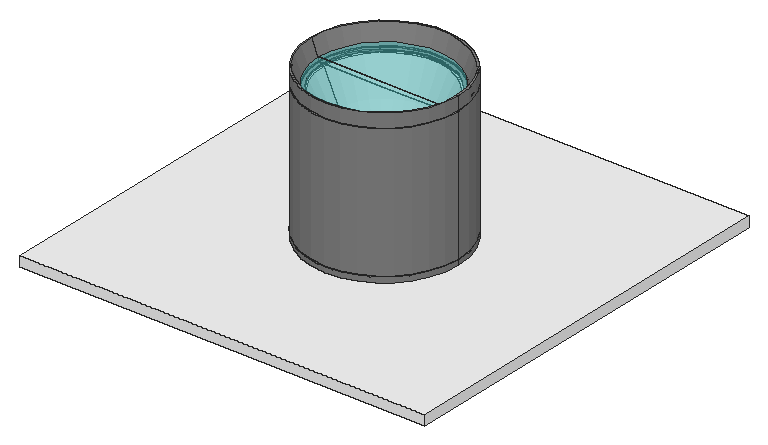
Revit family "24432_BEGA_Revit", category Lighting Fixtures, host Face, Revit 2019
Family settings
  Host = Face
  Round Connector Dimension = Use Diameter
  Part Type = Normal
  Cut with Voids When Loaded = Yes
  Light Source = Yes
  Shared = No
  Room Calculation Point = Yes
Parameters (values of type "24422_BEGA_Revit")
  Update = "2019-07-02T04:00:18"
  URL = "www.bega-us.com"
  Type Image = 24422.png
  Type Comments = "© 2019 BEGA. Technical amendments reserved."
  Serial_number [instance] = "Here you can enter the individual serial number for use in facility management."
  Protection_class = "IP 65"
  Product_data_sheet = "www.bega-us.com"
  Model = "24432K4"
  Material_17 = BEGA_reflector
  Material_15 = BEGA_lighting_medium_matt
  Material_11 = BEGA_glass_opal
  Material_09 = BEGA_glass_clear
  Material_06 = BEGA_finishes_stainless_steel_brushed
  Material_03 = BEGA_finishes_white_matt
  Material_02 = BEGA_finishes_silver_matt
  Material_01 [instance] = BEGA_finishes_graphite_matt
  Manufacturer = "BEGA"  # constant formula
  M_W = no
  M_G = yes
  M_A = no
  Luminaire_luminous_flux = "2485 lm"
  Logo = 0
  Load_Classification = Lighting
  Lamp = "LED 24.1 W"
  Half_beam_angle = ""
  Frequency = "0/50-60 Hz"
  built-in parameter 1150104 = 11.984 (stored number, unit not read)
  Wattage = 16.5426 W
  Description = "Ceiling mounted downlight"
  Default Elevation = 0 mm
  built-in parameter 1150113 = 1 (stored number, unit not read)
  Connected_wattage [instance] = "28 W"
  Bega_IES = yes
  built-in parameter 1114218 = 1 (stored number, unit not read)
  built-in parameter 1150134 = 12
  built-in parameter 1150109 = 1 (stored number, unit not read)
  built-in parameter 1150110 = 1 (stored number, unit not read)
  Tilt Angle = 0.00°
  built-in parameter 1114217 = 1 (stored number, unit not read)
  built-in parameter 1150139 = (empty or 0)
  built-in parameter 1150105 = 169.82 (stored number, unit not read)
  built-in parameter 1150114 = 1 (stored number, unit not read)
  Lumens = 2134 lm
  built-in parameter 1150115 = 1 (stored number, unit not read)
  built-in parameter 1150112 = 1 (stored number, unit not read)
  Dimming Lamp Color Temperature Shift = <None>
  Color Filter = 16777215
  BEGA_internal_structure = yes
  BEGA_internal_on = yes
  BEGA_internal_off = yes
  BEGA_internal = yes
  BEGA_dummy = no
  built-in parameter 1150133 = 10 (stored number, unit not read)
  built-in parameter 1150137 = (empty or 0)
  built-in parameter 1150132 = 2
  Photometric Web File = "24432K4_BEGA_IES.IES"
  built-in parameter 1150106 = 1.6982 (stored number, unit not read)
  built-in parameter 1150107 = 4000 (stored number, unit not read)
  built-in parameter 1150102 = (empty or 0)
  built-in parameter 1150138 = (empty or 0)
  Apparent Load = 0 VA
Reference planes
  plane 1 "Center (Front/Back)": y = 0
  plane 2: z = 0
  plane 3 "Center (Left/Right)": x = 0
  plane 4 "left": x = -73.502
  plane 5 "right": x = 73.5
  plane 6 "down": y = -73.507
  plane 7 "up": y = 73.524
  plane 8 "Back": z = 0
  plane 9 "Front": z = 150.2
Forms (mm)
  Extrusion 1, solid, material "BEGA_plate_white"
    sketch origin (0, 0, 0) x (1, 0, 0) y (0, 1, 0)
      loop
        line (-200, 200) -> (-200, -200) -> (200, -200) -> (200, 200) -> (-200, 200)
    from 0 to -10
  Extrusion 2, solid, material "BEGA_Dummy_matt", visible <- "BEGA_dummy"
    sketch origin (77.149, -76.023, 0) x (1, 0, 0) y (0, 1, 0)
      loop
        circle (-77.149, 76.023) r 73.5
    from 0 to 150.2
Dimensions and locks
  aligned and locked: plane 2 to Extrusion 1
  aligned and locked: level to Extrusion 1
Nested families
  nested 1: "24432_BEGA_Revit" at (0, 0, 0), type "24432_BEGA_Revit"
Connectors
  electrical at (0, 0, 0), driven by "Apparent Load", driven by "Load_Classification"
    settings: on Extrusion 1, index 1, voltage 239.996 V, apparent load 0 VA, apparent load phase1 0 VA, apparent load phase2 0 VA, apparent load phase3 0 VA, power factor 1, load classification "Lighting", number of poles 1, system type 31, power factor state 1, is connector primary yes, connector utility no, sub classification motor no, connector description ""
Definition of nested family "24432_BEGA_Revit"
  Parameters (values of type "BE_24422")
    Default Elevation = 1 mm
    URL = "http://www.bega.de/de/produkt"
    Type Comments = "© 2015 BEGA. Wir behalten uns das Recht vor, technische Änderungen ohne vorherige Ankündigung vorzunehmen. "  # constant formula
    Type Image = (empty or 0)
    Neigungswinkel_um_Z2 = 0.00°
    Neigungswinkel_um_Z1 = 0.00°
    Neigungswinkel_um_Y2 = 0.00°
    Neigungswinkel_um_Y1 = 0.00°
    Neigungswinkel_um_X2 = 0.00°
    Neigungswinkel_um_X1 = 0.00°
    Material_17 = none
    Material_15 = none
    Material_11 = none
    Material_09 = none
    Material_06 = none
    Material_03 = none
    Material_02 = none
    Material_01 = none
    M_W = yes
    M_G = yes
    M_A = yes
    Länge_Platte = 200 mm  # constant formula
    Höhe_Platte = -10 mm  # constant formula
    Manufacturer = "BEGA"  # constant formula
    Drehwinkel_um_Z2 = 0.00°
    Drehwinkel_um_Z1 = 0.00°
    Breite_Platte = 200 mm  # constant formula
  Reference planes
    plane 1 "Mitte (Oben/Unten)": y = 0
    plane 2: z = 0
    plane 3 "Mitte (Links/Rechts)": x = 0
    plane 4 "Hinten": z = -40
    plane 5 "Links": x = -73.502
    plane 6 "Oben": y = 73.524
    plane 7 "Unten": y = -73.507
    plane 8: z = 150.2
    plane 9: x = 73.5
  Forms (mm)
    Extrusion 1, solid, detail levels medium
      sketch origin (0, 0, 0) x (1, 0, 0) y (0, 1, 0)
        loop
          line (-100, 100) -> (-100, -100) -> (100, -100) -> (100, 100) -> (-100, 100)
      from 0 to -10 <- "Höhe_Platte"
    Revolve 2, solid, material <- "Material_01", visible <- "M_G"
      sketch origin (0, 0, 0) x (1, 0, 0) y (0, 0, 1)
        loop
          line (-73.5, 136.2) -> (-73.5, 6) -> (-72.592, 6) -> (-71.5, 9) -> (-71.5, 24.964) -> (-63.501, 24.964) -> (-62.435, 55.5) -> (0, 55.5) -> (0, 60.5) -> (-61.52, 60.5) -> (-63.5, 117.2) -> (-71.5, 117.2) -> (-71.5, 133.2) -> (-72.592, 136.2) -> (-73.5, 136.2)
        axis (0, 6) -> (0, 136.2)
      angle from 0 to 360
    Revolve 3, solid, material <- "Material_17"
      sketch origin (0, 0, 0) x (1, 0, 0) y (0, 0, 1)
        loop
          arc (-61.084, 127.6) -> (-45.934, 95.233) -> (-27.286, 64.746) r 321.6
          arc (-27.286, 64.746) -> (-26.772, 64.283) -> (-26.105, 64.1) r 1.5
          line (-26.105, 64.1) -> (-25.035, 64.1) -> (-22.5, 64.1) -> (-22.5, 65.2)
          arc (-22.5, 65.2) -> (-22.646, 65.554) -> (-23, 65.7) r 0.5
          line (-23, 65.7) -> (-25.969, 65.7)
          arc (-25.969, 65.7) -> (-44.763, 96.49) -> (-59.972, 129.2) r 319.974
          line (-59.972, 129.2) -> (-64.916, 129.2) -> (-65, 127.6) -> (-61.084, 127.6)
        axis (0, 64.1) -> (0, 129.2)
      angle from 0 to 360
    Revolve 4, solid, material <- "Material_01", visible <- "M_G"
      sketch origin (0, 0, 0) x (1, 0, 0) y (0, 0, 1)
        loop
          line (-73.5, 150.2) -> (-73.5, 137.217) -> (-71.384, 136.994) -> (-69.5, 133.468) -> (-70.5, 132.891) -> (-70.5, 124.35) -> (-68.578, 123.7) -> (-66.339, 123.7) -> (-66.152, 129.2) -> (-62.553, 129.2)
          arc (-62.553, 129.2) -> (-61.858, 129.481) -> (-61.554, 130.166) r 1
          line (-61.554, 130.166) -> (-61.517, 131.2) -> (-64.965, 131.2) -> (-65, 132.2) -> (-72, 150.2) -> (-73.5, 150.2)
        axis (0, 123.7) -> (0, 150.2)
      angle from 0 to 360
    Revolve 5, solid, material <- "Material_15"
      sketch origin (0, 0, 0) x (1, 0, 0) y (0, 0, 1)
        loop
          line (-16, 60.5) -> (0, 60.5) -> (0, 62.05) -> (-16, 62.05) -> (-16, 60.5)
        axis (0, 60.5) -> (0, 62.05)
      angle from 0 to 360
    Revolve 6, solid, material <- "Material_09"
      sketch origin (0, 0, 0) x (1, 0, 0) y (0, 0, 1)
        loop
          line (-64.5, 135.8) -> (-64.5, 131.7) -> (0, 131.7) -> (0, 135.8) -> (-64.5, 135.8)
        axis (0, 131.7) -> (0, 135.8)
      angle from 0 to 360
    Revolve 7, solid, material <- "Material_03", visible <- "M_W"
      sketch origin (0, 0, 0) x (1, 0, 0) y (0, 0, 1)
        loop
          line (-73.5, 136.2) -> (-73.5, 6) -> (-72.592, 6) -> (-71.5, 9) -> (-71.5, 24.964) -> (-63.501, 24.964) -> (-62.435, 55.5) -> (0, 55.5) -> (0, 60.5) -> (-61.52, 60.5) -> (-63.5, 117.2) -> (-71.5, 117.2) -> (-71.5, 133.2) -> (-72.592, 136.2) -> (-73.5, 136.2)
        axis (0, 6) -> (0, 136.2)
      angle from 0 to 360
    Revolve 8, solid, material <- "Material_03", visible <- "M_W"
      sketch origin (0, 0, 0) x (1, 0, 0) y (0, 0, 1)
        loop
          line (-73.5, 150.2) -> (-73.5, 137.217) -> (-71.384, 136.994) -> (-69.5, 133.468) -> (-70.5, 132.891) -> (-70.5, 124.35) -> (-68.578, 123.7) -> (-66.339, 123.7) -> (-66.152, 129.2) -> (-62.553, 129.2)
          arc (-62.553, 129.2) -> (-61.858, 129.481) -> (-61.554, 130.166) r 1
          line (-61.554, 130.166) -> (-61.517, 131.2) -> (-64.965, 131.2) -> (-65, 132.2) -> (-72, 150.2) -> (-73.5, 150.2)
        axis (0, 123.7) -> (0, 150.2)
      angle from 0 to 360
    Revolve 9, solid, material <- "Material_01", visible <- "M_G"
      sketch origin (0, 0, 0) x (1, 0, 0) y (0, 0, 1)
        loop
          line (-66.29, 17) -> (0, 17) -> (0, 20) -> (-70.5, 20) -> (-70.5, 5.299) -> (-73.502, 4.983) -> (-73.502, 0) -> (-66.884, 0) -> (-66.29, 17)
        axis (0, 0) -> (0, 20)
      angle from 0 to 360
    Extrusion 10, solid, material <- "Material_01", visible <- "M_G"
      sketch origin (0, 0, 0) x (1, 0, 0) y (0, 1, 0)
        loop
          circle (-61.5, 0) r 2.233
        loop
          circle (-61.5, 0) r 6.309
        loop
          circle (61.5, 0) r 2.233
        loop
          circle (61.5, 0) r 6.309
      from 0 to 24.964
    Revolve 11, solid, material <- "Material_03", visible <- "M_W"
      sketch origin (0, 0, 0) x (1, 0, 0) y (0, 0, 1)
        loop
          line (-66.29, 17) -> (0, 17) -> (0, 20) -> (-70.5, 20) -> (-70.5, 5.299) -> (-73.502, 4.983) -> (-73.502, 0) -> (-66.884, 0) -> (-66.29, 17)
        axis (0, 0) -> (0, 20)
      angle from 0 to 360
    Extrusion 12, solid, material <- "Material_03", visible <- "M_W"
      sketch origin (0, 0, 0) x (1, 0, 0) y (0, 1, 0)
        loop
          circle (-61.5, 0) r 2.233
        loop
          circle (-61.5, 0) r 6.309
        loop
          circle (61.5, 0) r 2.233
        loop
          circle (61.5, 0) r 6.309
      from 0 to 24.964
    Extrusion 13, void
      sketch origin (0, 0, 0) x (1, 0, 0) y (0, 1, 0)
        loop
          circle (-20, -46) r 7.197
        loop
          circle (-20, 46) r 7.197
      from 0 to 24.964
  Cuts and joins
    Extrusion 13 cuts Revolve 9
    Extrusion 13 cuts Extrusion 10
    joined: Revolve 9, Extrusion 10
    Extrusion 13 cuts Revolve 11
    Extrusion 13 cuts Extrusion 12
    joined: Revolve 11, Extrusion 12
    Extrusion 13 cuts Revolve 2
    Extrusion 13 cuts Revolve 3
    Extrusion 13 cuts Revolve 6
    Extrusion 13 cuts Revolve 7
  Dimensions and locks
    equal spacing: Extrusion 1 sketch curve, plane 3 "Mitte (Links/Rechts)", Extrusion 1 sketch curve
    equal spacing: Extrusion 1 sketch curve, plane 1 "Mitte (Oben/Unten)", Extrusion 1 sketch curve
    "Länge_Platte": Extrusion 1 sketch curve to Extrusion 1 sketch curve
    "Breite_Platte": Extrusion 1 sketch curve to Extrusion 1 sketch curve
    aligned and locked: plane 2 to Extrusion 1
    aligned and locked: level to Extrusion 1
  Automatic sketch dimensions
    Revolve 2 sketch curve to plane 3 "Mitte (Links/Rechts)" = 0 mm  (x2)
    Revolve 2 sketch curve to plane 3 "Mitte (Links/Rechts)" = 61.52 mm
    Revolve 2 sketch curve to Revolve 2 sketch curve = 0.915 mm
    Revolve 2 sketch curve to Revolve 2 sketch curve = 1.98 mm
    Revolve 2 sketch curve to Revolve 2 sketch curve = 1.066 mm
    level to Revolve 2 sketch curve = 9 mm
    Revolve 2 sketch curve to Revolve 2 sketch curve = 7.999 mm
    Revolve 2 sketch curve to Revolve 2 sketch curve = 8 mm
    Revolve 2 sketch curve to Revolve 2 sketch curve = 1.092 mm  (x2)
    level to Revolve 2 sketch curve = 6 mm
    Revolve 2 sketch curve to Revolve 2 sketch curve = 0.908 mm
    Revolve 2 sketch curve to Revolve 2 sketch curve = 15.964 mm
    level to Revolve 2 sketch curve = 55.5 mm
    Revolve 2 sketch curve to Revolve 2 sketch curve = 5 mm
    Revolve 2 sketch curve to Revolve 2 sketch curve = 56.7 mm
    Revolve 2 sketch curve to Revolve 2 sketch curve = 16 mm
    Revolve 2 sketch curve to Revolve 2 sketch curve = 3 mm
    Revolve 2 sketch curve to Revolve 2 sketch curve = 38.059 mm
    Revolve 2 sketch curve to Revolve 2 sketch curve = 10 mm
    Revolve 3 sketch curve to Revolve 3 sketch curve = 0 mm  (x4)
    Revolve 3 sketch curve to plane 3 "Mitte (Links/Rechts)" = 0 mm
    Revolve 3 sketch curve to plane 3 "Mitte (Links/Rechts)" = 22.5 mm
    Revolve 3 sketch curve to Revolve 3 sketch curve = 0.5 mm
    Revolve 3 sketch curve to Revolve 3 sketch curve = 2.035 mm
    Revolve 3 sketch curve to Revolve 3 sketch curve = 1.07 mm
    Revolve 3 sketch curve to plane 3 "Mitte (Links/Rechts)" = 59.972 mm
    Revolve 3 sketch curve to Revolve 3 sketch curve = 1.111 mm
    Revolve 3 sketch curve to Revolve 3 sketch curve = 3.833 mm
    Revolve 3 sketch curve to Revolve 3 sketch curve = 0.084 mm
    Revolve 3 sketch curve to Revolve 3 sketch curve = 1.1 mm
    Revolve 3 sketch curve to Revolve 3 sketch curve = 1.6 mm
    Revolve 3 sketch curve to Revolve 3 sketch curve = 2.969 mm
    Revolve 3 sketch curve to Revolve 3 sketch curve = 36.359 mm
    Revolve 3 sketch curve to Revolve 3 sketch curve = 5 mm
    Revolve 3 sketch curve to Revolve 3 sketch curve = 0.054 mm
    Revolve 3 sketch curve to Revolve 3 sketch curve = 1.499 mm
    Revolve 3 sketch curve to Revolve 3 sketch curve = 20.541 mm
    Revolve 4 sketch curve to plane 3 "Mitte (Links/Rechts)" = 0 mm
    Revolve 4 sketch curve to plane 3 "Mitte (Links/Rechts)" = 61.517 mm
    Revolve 4 sketch curve to Revolve 4 sketch curve = 0.036 mm
    Revolve 4 sketch curve to Revolve 4 sketch curve = 0.999 mm
    Revolve 4 sketch curve to Revolve 4 sketch curve = 2.412 mm
    Revolve 4 sketch curve to Revolve 4 sketch curve = 0.035 mm
    Revolve 4 sketch curve to Revolve 4 sketch curve = 1.187 mm
    Revolve 4 sketch curve to Revolve 4 sketch curve = 0.187 mm
    Revolve 4 sketch curve to Revolve 4 sketch curve = 2.239 mm
    Revolve 4 sketch curve to Revolve 4 sketch curve = 4.5 mm
    Revolve 4 sketch curve to Revolve 4 sketch curve = 1 mm  (x2)
    Revolve 4 sketch curve to Revolve 4 sketch curve = 1.884 mm
    Revolve 4 sketch curve to Revolve 4 sketch curve = 0.616 mm
    Revolve 4 sketch curve to Revolve 4 sketch curve = 2.116 mm
    Revolve 4 sketch curve to Revolve 4 sketch curve = 0.65 mm
    Revolve 4 sketch curve to Revolve 4 sketch curve = 5.5 mm
    Revolve 4 sketch curve to Revolve 4 sketch curve = 0.966 mm
    Revolve 4 sketch curve to Revolve 4 sketch curve = 1.034 mm
    Revolve 4 sketch curve to Revolve 4 sketch curve = 0.691 mm
    Revolve 4 sketch curve to Revolve 4 sketch curve = 0.577 mm
    Revolve 4 sketch curve to Revolve 4 sketch curve = 3.526 mm
    Revolve 4 sketch curve to Revolve 4 sketch curve = 0.222 mm
    Revolve 4 sketch curve to Revolve 4 sketch curve = 12.983 mm
    Revolve 4 sketch curve to Revolve 4 sketch curve = 10 mm
    Revolve 5 sketch curve to plane 3 "Mitte (Links/Rechts)" = 0 mm  (x2)
    Revolve 5 sketch curve to Revolve 5 sketch curve = 16 mm
    Revolve 5 sketch curve to Revolve 5 sketch curve = 0 mm
    level to Revolve 5 sketch curve = 60.5 mm
    Revolve 5 sketch curve to Revolve 5 sketch curve = 1.55 mm
    Revolve 5 sketch curve to Revolve 5 sketch curve = 10.335 mm
    Revolve 5 sketch curve to Revolve 5 sketch curve = 2.718 mm
    Revolve 6 sketch curve to plane 3 "Mitte (Links/Rechts)" = 0 mm  (x2)
    Revolve 6 sketch curve to Revolve 6 sketch curve = 64.5 mm
    Revolve 6 sketch curve to Revolve 6 sketch curve = 4.1 mm
    Revolve 6 sketch curve to Revolve 6 sketch curve = 20 mm
    Revolve 6 sketch curve to Revolve 6 sketch curve = 17.052 mm
    Revolve 7 sketch curve to plane 3 "Mitte (Links/Rechts)" = 0 mm  (x2)
    Revolve 7 sketch curve to plane 3 "Mitte (Links/Rechts)" = 61.52 mm
    Revolve 7 sketch curve to Revolve 7 sketch curve = 0.915 mm
    Revolve 7 sketch curve to Revolve 7 sketch curve = 1.98 mm
    Revolve 7 sketch curve to Revolve 7 sketch curve = 1.066 mm
    level to Revolve 7 sketch curve = 9 mm
    Revolve 7 sketch curve to Revolve 7 sketch curve = 7.999 mm
    Revolve 7 sketch curve to Revolve 7 sketch curve = 8 mm
    Revolve 7 sketch curve to Revolve 7 sketch curve = 1.092 mm  (x2)
    level to Revolve 7 sketch curve = 6 mm
    Revolve 7 sketch curve to Revolve 7 sketch curve = 0.908 mm
    Revolve 7 sketch curve to Revolve 7 sketch curve = 15.964 mm
    level to Revolve 7 sketch curve = 55.5 mm
    Revolve 7 sketch curve to Revolve 7 sketch curve = 5 mm
    Revolve 7 sketch curve to Revolve 7 sketch curve = 56.7 mm
    Revolve 7 sketch curve to Revolve 7 sketch curve = 16 mm
    Revolve 7 sketch curve to Revolve 7 sketch curve = 3 mm
    Revolve 7 sketch curve to Revolve 7 sketch curve = 38.059 mm
    Revolve 7 sketch curve to Revolve 7 sketch curve = 10 mm
    Revolve 8 sketch curve to plane 3 "Mitte (Links/Rechts)" = 0 mm
    Revolve 8 sketch curve to plane 3 "Mitte (Links/Rechts)" = 61.517 mm
    Revolve 8 sketch curve to Revolve 8 sketch curve = 0.036 mm
    Revolve 8 sketch curve to Revolve 8 sketch curve = 0.999 mm
    Revolve 8 sketch curve to Revolve 8 sketch curve = 2.412 mm
    Revolve 8 sketch curve to Revolve 8 sketch curve = 0.035 mm
    Revolve 8 sketch curve to Revolve 8 sketch curve = 1.187 mm
    Revolve 8 sketch curve to Revolve 8 sketch curve = 0.187 mm
    Revolve 8 sketch curve to Revolve 8 sketch curve = 2.239 mm
    Revolve 8 sketch curve to Revolve 8 sketch curve = 4.5 mm
    Revolve 8 sketch curve to Revolve 8 sketch curve = 1 mm  (x2)
    Revolve 8 sketch curve to Revolve 8 sketch curve = 1.884 mm
    Revolve 8 sketch curve to Revolve 8 sketch curve = 0.616 mm
    Revolve 8 sketch curve to Revolve 8 sketch curve = 2.116 mm
    Revolve 8 sketch curve to Revolve 8 sketch curve = 0.65 mm
    Revolve 8 sketch curve to Revolve 8 sketch curve = 5.5 mm
    Revolve 8 sketch curve to Revolve 8 sketch curve = 0.966 mm
    Revolve 8 sketch curve to Revolve 8 sketch curve = 1.034 mm
    Revolve 8 sketch curve to Revolve 8 sketch curve = 0.691 mm
    Revolve 8 sketch curve to Revolve 8 sketch curve = 0.577 mm
    Revolve 8 sketch curve to Revolve 8 sketch curve = 3.526 mm
    Revolve 8 sketch curve to Revolve 8 sketch curve = 0.222 mm
    Revolve 8 sketch curve to Revolve 8 sketch curve = 12.983 mm
    Revolve 8 sketch curve to Revolve 8 sketch curve = 10 mm
    level to Revolve 3 sketch curve = 64.1 mm
    level to Revolve 4 sketch curve = 123.7 mm
    Revolve 4 sketch curve to Revolve 4 sketch curve = 21.001 mm
    level to Revolve 6 sketch curve = 131.7 mm
    level to Revolve 8 sketch curve = 123.7 mm
    Revolve 8 sketch curve to Revolve 8 sketch curve = 21.001 mm
    plane 3 "Mitte (Links/Rechts)" to Revolve 3 sketch curve = 237.314 mm
    Revolve 9 sketch curve to level = 0 mm
    Revolve 9 sketch curve to plane 5 "Links" = 0 mm
    Revolve 9 sketch curve to plane 3 "Mitte (Links/Rechts)" = 0 mm  (x2)
    plane 5 "Links" to Revolve 9 sketch curve = 3.003 mm
    Revolve 9 sketch curve to Revolve 9 sketch curve = 3.616 mm
    Revolve 9 sketch curve to Revolve 9 sketch curve = 4.21 mm
    Revolve 9 sketch curve to Revolve 9 sketch curve = 4.983 mm
    Revolve 9 sketch curve to Revolve 9 sketch curve = 0.316 mm
    Revolve 9 sketch curve to Revolve 9 sketch curve = 11.701 mm
    Revolve 9 sketch curve to Revolve 9 sketch curve = 3 mm
    Revolve 9 sketch curve to Revolve 9 sketch curve = 7.056 mm
    Revolve 9 sketch curve to Revolve 9 sketch curve = 11.305 mm
    Extrusion 10 sketch curve to Extrusion 10 sketch curve = 0 mm  (x4)
    plane 1 "Mitte (Oben/Unten)" to Extrusion 10 sketch curve = 0 mm  (x2)
    plane 5 "Links" to Extrusion 10 sketch curve = 12.002 mm
    Extrusion 10 sketch curve to plane 9 = 12 mm
    Revolve 11 sketch curve to level = 0 mm
    Revolve 11 sketch curve to plane 5 "Links" = 0 mm
    Revolve 11 sketch curve to plane 3 "Mitte (Links/Rechts)" = 0 mm  (x2)
    plane 5 "Links" to Revolve 11 sketch curve = 3.003 mm
    Revolve 11 sketch curve to Revolve 11 sketch curve = 3.616 mm
    Revolve 11 sketch curve to Revolve 11 sketch curve = 4.21 mm
    Revolve 11 sketch curve to Revolve 11 sketch curve = 4.983 mm
    Revolve 11 sketch curve to Revolve 11 sketch curve = 0.316 mm
    Revolve 11 sketch curve to Revolve 11 sketch curve = 11.701 mm
    Revolve 11 sketch curve to Revolve 11 sketch curve = 3 mm
    Revolve 11 sketch curve to Revolve 11 sketch curve = 7.056 mm
    Revolve 11 sketch curve to Revolve 11 sketch curve = 11.305 mm
    Extrusion 12 sketch curve to Extrusion 12 sketch curve = 0 mm  (x4)
    plane 1 "Mitte (Oben/Unten)" to Extrusion 12 sketch curve = 0 mm  (x2)
    plane 5 "Links" to Extrusion 12 sketch curve = 12.002 mm
    Extrusion 12 sketch curve to plane 9 = 12 mm
    radius of Extrusion 10 sketch curve = 2.233 mm  (x2)
    radius of Extrusion 10 sketch curve = 6.309 mm  (x2)
    radius of Extrusion 12 sketch curve = 2.233 mm  (x2)
    radius of Extrusion 12 sketch curve = 6.309 mm  (x2)
